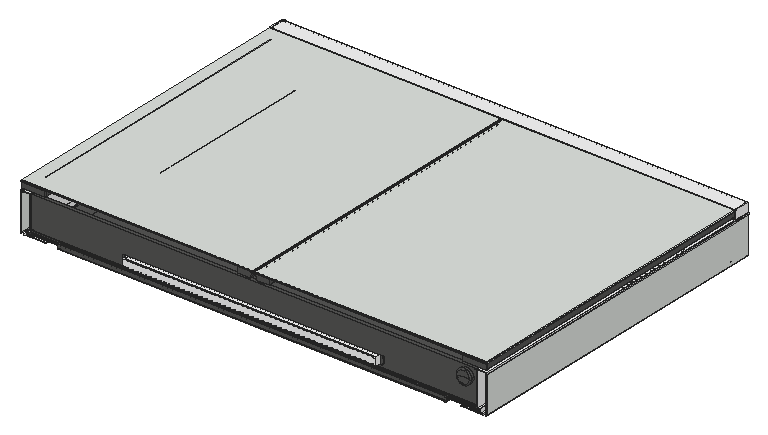
Revit family "Furniture-Lighted_Mirror_Cabinet-KOHLER-MAXSTOW-K-23959T_1", category Lighting Fixtures, host Face, Revit 2021 (continued)
Definition of nested family "K-23959T"
  Lines and regions (in)
    symbolic lines, detail levels medium+fine
      curve 45: line (23.50394, 14.96014, 0) -> (23.62205, 14.96014, 0)
      curve 46: line (23.50394, 14.96388, 0) -> (23.58268, 14.96388, 0)
      curve 47: arc (23.58268, 14.96388, 0) -> (23.6105, 14.97541, 0) -> (23.62201, 15.00325, 0) r 0.03933
      curve 48: line (23.56299, 14.99141, 0) -> (23.56299, 16.49935, 0)
      curve 49: arc (23.53543, 14.96388, 0) -> (23.55492, 14.97193, 0) -> (23.56299, 14.99141, 0) r 0.02753
      curve 50: line (23.60236, 16.48215, 0) -> (23.60236, 15.00964, 0)
      curve 51: arc (23.60236, 15.00964, 0) -> (23.58922, 14.98554, 0) -> (23.56184, 14.98354, 0) r 0.02867
      curve 52: line (23.50394, 14.95797, 0) -> (23.50394, 16.53278, 0)
      curve 53: line (23.53543, 16.52687, 0) -> (23.53543, 14.96388, 0)
      curve 54: line (23.56299, 16.47963, 0) -> (23.50394, 16.47963, 0)
      curve 55: line (23.50394, 16.52687, 0) -> (23.58335, 16.52687, 0)
      curve 56: arc (23.60236, 16.48215, 0) -> (23.58909, 16.50596, 0) -> (23.56185, 16.50719, 0) r 0.02799
      curve 57: arc (23.58335, 16.52687, 0) -> (23.61026, 16.51463, 0) -> (23.62201, 16.4875, 0) r 0.04114
      curve 58: arc (23.56299, 16.49935, 0) -> (23.55492, 16.51882, 0) -> (23.53543, 16.52687, 0) r 0.02752
      curve 59: line (23.52362, 14.92077, 0) -> (0.09843, 14.92077, 0)
      curve 60: line (13.18906, -16.6125, 0) -> (12.79528, -16.6125, 0)
      curve 61: line (13.18906, -16.53593, 0) -> (13.18906, -16.6125, 0)
      curve 62: line (23.52362, -16.53593, 0) -> (0.09843, -16.53593, 0)
      curve 63: line (23.52362, -16.49656, 0) -> (0.09843, -16.49656, 0)
      curve 64: line (23.56299, -16.49656, 0) -> (23.52362, -16.53593, 0)
      curve 65: line (23.60236, 14.96014, 0) -> (23.60236, -16.53593, 0)
      curve 66: line (23.52362, -16.49656, 0) -> (23.53344, -16.5261, 0)
      curve 67: line (19.68504, -16.68624, 0) -> (19.68504, -16.53593, 0)
      curve 68: line (19.68504, -16.65868, 0) -> (20.75958, -16.65868, 0)
      curve 69: line (19.68504, -16.68624, 0) -> (12.79528, -16.68624, 0)
      curve 70: line (12.7363, -16.53593, 0) -> (12.7363, -17.08494, 0)
      curve 71: line (13.07094, -16.6125, 0) -> (13.07094, -16.53593, 0)
      curve 72: line (0.09843, -16.49656, 0) -> (0.08834, -16.52584, 0)
      curve 73: line (0.09843, -16.53593, 0) -> (0.05906, -16.49656, 0)
      curve 74: line (0.09843, 14.92077, 0) -> (0.09011, 14.95182, 0)
      curve 75: line (-23.50394, 14.95797, 0) -> (23.50394, 14.95797, 0)
      curve 76: line (-23.50394, 14.99734, 0) -> (23.50394, 14.99734, 0)
      curve 77: line (-12.79528, -16.76498, 0) -> (-12.79528, -16.53593, 0)
      curve 78: line (-0.09626, -16.53376, 0) -> (0.09666, -16.53376, 0)
      curve 79: line (-0.08183, -16.51933, 0) -> (0.08183, -16.51933, 0)
      curve 80: line (-0.05906, -16.18328, 0) -> (0.05906, -16.18328, 0)
      curve 81: line (-0.05906, -8.75814, 0) -> (0.05906, -8.75814, 0)
      curve 82: line (-0.05906, -8.40953, 0) -> (0.05906, -8.40953, 0)
      curve 83: line (-0.05906, -0.61134, 0) -> (0.05906, -0.61134, 0)
      curve 84: line (-0.05906, -0.96255, 0) -> (0.05906, -0.96255, 0)
      curve 85: line (20.75958, -16.67836, 0) -> (20.75958, -16.53593, 0)
      curve 86: line (22.25729, -16.67836, 0) -> (22.25729, -16.53593, 0)
      curve 87: line (22.25729, -16.65868, 0) -> (22.5985, -16.65868, 0)
      curve 88: line (20.75958, -16.80689, 0) -> (22.25726, -16.80689, 0)
      curve 89: line (12.79528, -16.76498, 0) -> (12.79528, -16.53593, 0)
      curve 90: line (0, -15.98613, 4.13386) -> (0, -16.41781, 4.13386)
      curve 91: line (0, -16.00581, 4.01796) -> (0, -16.00581, 4.13386)
      curve 92: line (0, -16.05531, 3.95736) -> (0, -16.01367, 3.99901)
      curve 93: arc (0, -16.08941, 3.93776) -> (0, -16.07106, 3.9453) -> (0, -16.05531, 3.95736) r 0.07546
      curve 94: line (0, -16.07405, 3.93782) -> (0, -16.31882, 3.93686)
      curve 95: arc (0, -16.01367, 3.99901) -> (0, -16.00786, 4.0077) -> (0, -16.00581, 4.01796) r 0.02681
      curve 96: line (0, -15.98647, 4.01796) -> (0, -16.41681, 4.01796)
      curve 97: line (0, -15.99441, 3.99901) -> (0, -16.40877, 3.99901)
      curve 98: line (0, -16.49557, 0.03938) -> (0, -16.49557, 3.74016)
      curve 99: line (0, 16.49557, 3.70079) -> (0, -16.53588, 3.70079)
      curve 100: line (0, 14.95797, 3.75984) -> (0, -16.53593, 3.75984)
      curve 101: line (0, 14.96014, 3.91732) -> (0, -16.53593, 3.91732)
      curve 102: line (0, -16.80969, 3.71188) -> (0, -16.80969, 2.21634)
      curve 103: line (0, -16.53593, 3.69882) -> (0, -16.53593, 0.08071)
      curve 104: line (0, -16.6497, 2.8169) -> (0, -16.6497, 3.11569)
      curve 105: line (0, -16.53376, 3.15118) -> (0, -16.61422, 3.15118)
      curve 106: line (0, -16.53376, 2.77716) -> (0, -16.60997, 2.77716)
      curve 107: arc (0, -16.60997, 2.77716) -> (0, -16.63807, 2.7888) -> (0, -16.6497, 2.8169) r 0.03973
      curve 108: arc (0, -16.61422, 3.15118) -> (0, -16.63931, 3.14078) -> (0, -16.6497, 3.11569) r 0.03549
      curve 109: line (0, -16.53593, 3.74016) -> (0, 14.983, 3.74016)
      curve 110: arc (0, -16.49459, 3.74016) -> (0, -16.52382, 3.72805) -> (0, -16.53593, 3.69882) r 0.04134
      curve 111: line (0, -11.29183, 4.13386) -> (0, -13.906, 4.13386)
      curve 112: line (0, -12.9375, 4.0426) -> (0, -12.26033, 4.0426)
      curve 113: line (0, -12.26033, 3.93782) -> (0, -12.26033, 4.0426)
      curve 114: line (0, -12.9375, 3.93782) -> (0, -12.9375, 4.0426)
      curve 115: line (0, -12.26033, 3.93782) -> (0, -12.9375, 3.93782)
      curve 116: line (0, -12.26033, 3.97949) -> (0, -12.9375, 3.97949)
      curve 117: line (0, -12.26033, 3.96181) -> (0, -12.9375, 3.96181)
      curve 118: line (0, -11.44931, 4.13386) -> (0, -11.44931, 4.06299)
      curve 119: line (0, -13.906, 4.06299) -> (0, -11.29183, 4.06299)
      curve 120: line (0, -8.35756, 3.93782) -> (0, -8.80968, 3.93782)
      curve 121: line (0, -8.74317, 3.9809) -> (0, -8.42317, 3.9809)
      curve 122: arc (0, -8.42317, 3.9809) -> (0, -8.38879, 3.9688) -> (0, -8.36958, 3.93782) r 0.05487
      curve 123: arc (0, -8.79604, 3.93782) -> (0, -8.77727, 3.96877) -> (0, -8.74317, 3.9809) r 0.05398
      curve 124: line (0, -8.42317, 3.94074) -> (0, -8.74141, 3.94074)
      curve 125: arc (0, -8.41618, 3.93782) -> (0, -8.41938, 3.93998) -> (0, -8.42317, 3.94074) r 0.00981
      curve 126: arc (0, -8.74141, 3.94074) -> (0, -8.74968, 3.94001) -> (0, -8.7577, 3.93782) r 0.04685
      curve 127: line (0, -16.57187, 2.77716) -> (0, -16.57187, 3.15118)
      curve 128: line (0, -16.6125, 1.75984) -> (0, -16.6125, 0.99606)
      curve 129: line (0, -16.6125, 1.75984) -> (0, -16.53593, 1.75984)
      curve 130: line (0, -16.6125, 0.99606) -> (0, -16.53593, 0.99606)
      curve 131: line (0, -16.64203, 0.91449) -> (0, -16.64203, 0.94826)
      curve 132: line (0, -16.64203, 0.94826) -> (0, -16.89793, 0.94826)
      curve 133: line (0, -16.89793, 0.91483) -> (0, -16.89793, 0.94826)
      curve 134: line (0, -16.57029, 0.49213) -> (0, -16.53593, 0.49213)
      curve 135: line (0, -16.49459, 0.03937) -> (0, -0.98474, 0.03937)
      curve 136: line (0, 16.49557, 0.07972) -> (0, -0.80788, 0.07972)
      curve 137: arc (0, -16.53593, 0.08071) -> (0, -16.52382, 0.05148) -> (0, -16.49459, 0.03937) r 0.04134
      curve 138: arc (0, -16.49557, 0.07972) -> (0, -16.51589, 0.07192) -> (0, -16.53592, 0.08041) r 0.02905
      curve 139: line (0, -0.98474, 0.02929) -> (0, -16.53593, 0.02929)
      curve 140: line (0, -0.98474, 0.01969) -> (0, -16.53593, 0.01969)
      curve 141: line (0, -16.53593, 0.07087) -> (0, -16.53593, 0)
      curve 142: line (0, 9.71604, 4.13386) -> (0, 12.33022, 4.13386)
      curve 143: line (0, 11.36171, 4.0426) -> (0, 10.68455, 4.0426)
      curve 144: line (0, 10.68455, 3.93782) -> (0, 10.68455, 4.0426)
      curve 145: line (0, 11.36171, 3.93782) -> (0, 11.36171, 4.0426)
      curve 146: line (0, 10.68455, 3.93782) -> (0, 11.36171, 3.93782)
      curve 147: line (0, 10.68455, 3.97949) -> (0, 11.36171, 3.97949)
      curve 148: line (0, 10.68455, 3.96181) -> (0, 11.36171, 3.96181)
      curve 149: line (0, 9.87352, 4.13386) -> (0, 9.87352, 4.06299)
      curve 150: line (0, 12.33022, 4.06299) -> (0, 9.71604, 4.06299)
      curve 151: line (0, 14.41034, 4.13386) -> (0, 14.86171, 4.13386)
      curve 152: line (0, 14.95797, 4.8052) -> (0, 14.95797, 4.76161)
      curve 153: line (0, 14.88558, 4.72441) -> (0, -16.46341, 4.72441)
      curve 154: line (0, 14.95797, 4.80304) -> (0, -16.53593, 4.80304)
      curve 155: line (0, -16.53593, 4.76378) -> (0, 14.95797, 4.76378)
      curve 156: line (0, 14.86171, 4.70472) -> (0, -16.49253, 4.70472)
      curve 157: line (0, -16.4375, 4.13386) -> (0, -16.4375, 4.72441)
      curve 158: line (0, -16.4779, 4.13399) -> (0, -16.4779, 4.7199)
      curve 159: line (0, 14.92077, 4.15354) -> (0, -16.49651, 4.15354)
      curve 160: line (0, 14.90211, 4.71967) -> (0, 14.90211, 4.134)
      curve 161: line (0, 14.86171, 4.13386) -> (0, 14.86171, 4.72441)
      curve 162: line (0, 14.99141, 3.93701) -> (0, 14.99143, 4.79527)
      curve 163: line (0, 15.01112, 4.81496) -> (0, 16.47963, 4.81496)
      curve 164: line (0, 16.47963, 4.84252) -> (0, 15.01112, 4.84252)
      curve 165: line (0, 14.96388, 4.79528) -> (0, 14.96388, 3.75928)
      curve 166: arc (0, 15.01112, 4.84252) -> (0, 14.97772, 4.82868) -> (0, 14.96388, 4.79528) r 0.04724
      curve 167: arc (0, 14.99143, 4.79527) -> (0, 14.9972, 4.80919) -> (0, 15.01112, 4.81496) r 0.01969
      curve 168: line (0, 16.49935, 3.93701) -> (0, 16.49931, 4.79528)
      curve 169: line (0, 16.52687, 3.75984) -> (0, 16.52687, 4.79528)
      curve 170: arc (0, 16.52687, 4.79528) -> (0, 16.51303, 4.82868) -> (0, 16.47963, 4.84252) r 0.04724
      curve 171: arc (0, 16.47963, 4.81496) -> (0, 16.49355, 4.8092) -> (0, 16.49931, 4.79528) r 0.01969
      curve 172: line (0, 16.50719, 3.93701) -> (0, 14.98356, 3.93701)
      curve 173: arc (0, 16.52687, 3.91732) -> (0, 16.5211, 3.93124) -> (0, 16.50719, 3.93701) r 0.01969
      curve 174: line (0, 14.96388, 3.91732) -> (0, 16.52687, 3.91732)
      curve 175: line (0, 16.4875, 3.93701) -> (0, 16.4875, 3.74016)
      curve 176: line (0, 14.96388, 3.75984) -> (0, 16.52687, 3.75984)
      curve 177: line (0, 14.983, 3.74016) -> (0, 16.50719, 3.74016)
      curve 178: line (0, 16.49557, 0.07972) -> (0, 16.49557, 3.70079)
      curve 179: arc (0, 16.4936, 3.74016) -> (0, 16.52353, 3.72776) -> (0, 16.53593, 3.69783) r 0.04232
      curve 180: arc (0, 16.50719, 3.74016) -> (0, 16.5211, 3.74592) -> (0, 16.52687, 3.75984) r 0.01969
      curve 181: arc (0, 16.49557, 3.70079) -> (0, 16.50219, 3.72085) -> (0, 16.4936, 3.74016) r 0.02931
      curve 182: arc (0, 16.49557, 3.70079) -> (0, 16.51638, 3.70799) -> (0, 16.53593, 3.69783) r 0.02788
      curve 183: arc (0, 14.96388, 3.75928) -> (0, 14.96948, 3.74576) -> (0, 14.983, 3.74016) r 0.01912
      curve 184: arc (0, 14.98356, 3.93701) -> (0, 14.96964, 3.93124) -> (0, 14.96388, 3.91732) r 0.01969
      curve 185: line (0, 15.00325, 3.93701) -> (0, 15.00325, 3.74016)
      curve 186: line (0, 14.95797, 3.74016) -> (0, 14.95797, 3.93782)
      curve 187: line (0, -0.59104, 0.03937) -> (0, 14.96014, 0.03937)
      curve 188: line (0, -0.80788, 0.07972) -> (0, -16.49557, 0.07972)
      curve 189: line (0, -0.59104, 0.02929) -> (0, 14.96014, 0.02929)
      curve 190: line (0, -0.59104, 0.01969) -> (0, 14.96014, 0.01969)
      curve 191: arc (0, 16.49557, 0.07972) -> (0, 16.50116, 0.05793) -> (0, 16.48846, 0.03937) r 0.02724
      curve 192: arc (0, 16.49557, 0.07972) -> (0, 16.5166, 0.07297) -> (0, 16.53593, 0.08367) r 0.02783
      curve 193: line (-23.54429, -0.2751, 3.74016) -> (-23.58264, -0.2751, 3.74016)
      curve 194: line (-23.54326, -0.2751, 0.03897) -> (-23.54429, -0.2751, 3.74016)
      curve 195: line (-23.58264, -0.2751, 0.03897) -> (-23.58264, -0.2751, 3.74016)
      curve 196: line (-23.50394, -0.2751, 3.27362) -> (-23.50394, -0.2751, 4.84843)
      curve 197: line (-23.50394, -0.2751, 3.31299) -> (23.50394, -0.2751, 3.31299)
      curve 198: line (-23.50394, -0.2751, 3.27362) -> (23.50394, -0.2751, 3.27362)
      curve 199: line (-20.5315, -0.2751, 1.32874) -> (-20.5315, -0.2751, 3.27362)
      curve 200: line (-19.35039, -0.2751, 1.32874) -> (-19.35039, -0.2751, 3.27362)
      curve 201: line (-20.50787, -0.2751, 1.30512) -> (-19.37402, -0.2751, 1.30512)
      curve 202: line (-23.53543, -0.2751, 3.91732) -> (-23.53543, -0.2751, 4.84252)
      curve 203: line (-23.62185, -0.2751, 3.91732) -> (-23.53543, -0.2751, 3.91732)
      curve 204: line (-23.58268, -0.2751, 3.75984) -> (-23.58268, -0.2751, 3.93701)
      curve 205: line (-23.56299, -0.2751, 3.93701) -> (-23.53543, -0.2751, 3.91732)
      curve 206: line (-23.62028, -0.2751, 3.75984) -> (-23.50394, -0.2751, 3.75984)
      curve 207: line (-23.56299, -0.2751, 4.79528) -> (-23.50394, -0.2751, 4.79528)
      curve 208: line (-23.50394, -0.2751, 4.80906) -> (23.50394, -0.2751, 4.80906)
      curve 209: line (-23.53543, -0.2751, 4.84252) -> (-23.50394, -0.2751, 4.84252)
      curve 210: line (-22.5985, -0.2751, 0.4226) -> (-22.5985, -0.2751, 3.27362)
      curve 211: line (-22.65744, -0.2751, 2.42126) -> (-22.65744, -0.2751, 1.9685)
      curve 212: line (-22.70343, -0.2751, 2.42126) -> (-22.70343, -0.2751, 1.9685)
      curve 213: line (-23.4161, -0.2751, 2.42126) -> (-23.4161, -0.2751, 0.45276)
      curve 214: line (-22.70343, -0.2751, 0.45276) -> (-22.70343, -0.2751, 1.25984)
      curve 215: line (22.59835, -0.2751, 0.6495) -> (-22.5985, -0.2751, 0.6495)
      curve 216: line (-22.5985, -0.2751, 0.62987) -> (22.59835, -0.2751, 0.62987)
      curve 217: line (-22.5985, -0.2751, 0.61024) -> (22.59835, -0.2751, 0.61024)
      curve 218: line (-22.5985, -0.2751, 0.49213) -> (22.59835, -0.2751, 0.49213)
      curve 219: line (22.59835, -0.2751, 0.47244) -> (-22.5985, -0.2751, 0.47244)
      curve 220: line (-22.5985, -0.2751, 0.45276) -> (22.59835, -0.2751, 0.45276)
      curve 221: line (-21.45366, -0.2751, 0.15748) -> (-22.24106, -0.2751, 0.15748)
      curve 222: line (-22.24106, -0.2751, 0.09894) -> (-21.45366, -0.2751, 0.09894)
      curve 223: line (-22.24106, -0.2751, 0.07874) -> (-21.45366, -0.2751, 0.07874)
      curve 224: line (-21.01272, -0.2751, 0.05906) -> (-22.96941, -0.2751, 0.05906)
      curve 225: line (19.68504, -0.2751, 0.07087) -> (-19.68504, -0.2751, 0.07087)
      curve 226: line (19.68504, -0.2751, 0.11024) -> (-19.68504, -0.2751, 0.11024)
      curve 227: line (-19.68504, -0.2751, 0.05118) -> (19.68504, -0.2751, 0.05118)
      curve 228: line (-19.68504, -0.2751, 0.01969) -> (19.68504, -0.2751, 0.01969)
      curve 229: line (21.4535, -0.2751, 0.1503) -> (22.24091, -0.2751, 0.1503)
      curve 230: line (22.24091, -0.2751, 0.10236) -> (21.4535, -0.2751, 0.10236)
      curve 231: line (21.4535, -0.2751, 0.07874) -> (22.24091, -0.2751, 0.07874)
      curve 232: line (-22.99858, -0.2751, 0.45276) -> (-22.65744, -0.2751, 0.45276)
      curve 233: line (-22.59835, -0.2751, 0.3937) -> (22.59835, -0.2751, 0.3937)
      curve 234: line (22.59835, -0.2751, 3.27362) -> (22.59835, -0.2751, 0.4226)
      curve 235: line (22.65728, -0.2751, 0.45185) -> (22.65728, -0.2751, 3.27362)
      curve 236: line (22.99858, -0.2751, 0.45185) -> (22.65728, -0.2751, 0.45185)
      curve 237: line (23.44469, -0.2751, 3.20866) -> (23.44469, -0.2751, 0.45276)
      curve 238: line (22.70327, -0.2751, 0.45185) -> (22.70327, -0.2751, 1.25984)
      curve 239: line (23.54311, -0.2751, 3.74016) -> (23.54311, -0.2751, 0.04019)
      curve 240: line (23.58248, -0.2751, 3.74016) -> (23.58248, -0.2751, 0.04019)
      curve 241: line (22.65728, -0.2751, 2.42126) -> (23.47618, -0.2751, 2.42126)
      curve 242: line (23.27933, -0.2751, 1.9685) -> (22.65728, -0.2751, 1.9685)
      curve 243: line (23.27933, -0.2751, 1.25984) -> (23.27933, -0.2751, 1.9685)
      curve 244: circle (22.98731, -0.2751, 2.73421) r 0.25806 normal (0, 1, 0)
      curve 245: circle (22.99412, -0.2751, 2.73482) r 0.15065 normal (0, 1, 0)
      curve 246: line (23.42581, -0.2751, 2.42126) -> (23.42581, -0.2751, 2.91407)
      curve 247: line (23.44469, -0.2751, 2.91407) -> (23.38563, -0.2751, 2.91407)
      curve 248: line (23.38563, -0.2751, 2.95413) -> (23.38563, -0.2751, 2.42126)
      curve 249: line (23.41594, -0.2751, 2.42126) -> (23.41594, -0.2751, 0.45276)
      curve 250: line (22.70327, -0.2751, 1.9685) -> (22.70327, -0.2751, 2.42126)
      curve 251: line (22.83457, -0.2751, 1.9685) -> (22.83457, -0.2751, 1.36696)
      curve 252: line (22.79588, -0.2751, 1.25984) -> (22.79588, -0.2751, 1.9685)
      curve 253: line (22.83457, -0.2751, 1.40632) -> (23.27933, -0.2751, 1.41408)
      curve 254: line (22.99205, -0.2751, 1.92913) -> (23.27933, -0.2751, 1.92913)
      curve 255: line (22.99205, -0.2751, 1.92913) -> (22.99205, -0.2751, 1.9685)
      curve 256: line (22.65728, -0.2751, 1.25984) -> (22.83457, -0.2751, 1.25984)
      curve 257: line (23.27905, -0.2751, 3.27362) -> (23.27905, -0.2751, 2.42126)
      curve 258: line (23.25121, -0.2751, 2.42126) -> (23.25121, -0.2751, 3.27362)
      curve 259: line (23.58248, -0.2751, 3.74016) -> (23.54311, -0.2751, 3.74016)
      curve 260: line (23.50394, -0.2751, 3.6998) -> (23.50394, -0.2751, 3.31299)
      curve 261: line (23.53543, -0.2751, 3.91732) -> (23.6217, -0.2751, 3.91732)
      curve 262: line (23.50394, -0.2751, 3.75984) -> (23.62028, -0.2751, 3.75984)
      curve 263: line (23.53543, -0.2751, 4.84287) -> (23.53543, -0.2751, 3.91732)
      curve 264: line (23.58268, -0.2751, 3.93701) -> (23.58268, -0.2751, 3.74016)
      curve 265: line (23.50394, -0.2751, 3.74016) -> (23.50394, -0.2751, 4.84843)
      curve 266: line (23.50394, -0.2751, 4.79528) -> (23.56299, -0.2751, 4.79528)
      curve 267: line (22.24091, -0.2751, 0.05906) -> (21.4535, -0.2751, 0.05906)
      curve 268: line (20.5315, -0.2751, 1.32751) -> (20.5315, -0.2751, 3.27362)
      curve 269: line (19.35039, -0.2751, 1.32874) -> (19.35039, -0.2751, 3.27362)
      curve 270: line (19.37402, -0.2751, 1.30512) -> (20.5091, -0.2751, 1.30512)
      curve 271: line (19.0748, -0.2751, 3.20669) -> (18.72047, -0.2751, 3.20669)
      curve 272: line (19.0748, -0.2751, 3.20669) -> (19.0748, -0.2751, 3.27362)
      curve 273: line (18.72047, -0.2751, 3.20669) -> (18.72047, -0.2751, 3.27362)
      curve 274: line (17.87402, -0.2751, 3.14764) -> (17.87402, -0.2751, 3.27362)
      curve 275: line (17.55906, -0.2751, 3.14764) -> (17.55906, -0.2751, 3.27362)
      curve 276: line (17.57087, -0.2751, 3.13583) -> (17.8622, -0.2751, 3.13583)
      curve 277: line (17.57087, -0.2751, 3.20276) -> (17.8622, -0.2751, 3.20276)
      curve 278: arc (17.8622, -0.2751, 3.20276) -> (17.8693, -0.2751, 3.2049) -> (17.87402, -0.2751, 3.21063) r 0.0128
      curve 279: arc (17.55906, -0.2751, 3.21063) -> (17.56377, -0.2751, 3.2049) -> (17.57087, -0.2751, 3.20276) r 0.0128
      curve 280: arc (17.8622, -0.2751, 3.13583) -> (17.87056, -0.2751, 3.13929) -> (17.87402, -0.2751, 3.14764) r 0.01181
      curve 281: arc (17.57087, -0.2751, 3.13583) -> (17.56251, -0.2751, 3.13929) -> (17.55906, -0.2751, 3.14764) r 0.01181
      curve 282: line (19.68504, -0.2751, 0.27559) -> (-19.68504, -0.2751, 0.27559)
      curve 283: arc (20.5091, -0.2751, 1.30512) -> (20.52494, -0.2751, 1.31168) -> (20.5315, -0.2751, 1.32751) r 0.0224
      curve 284: arc (19.37402, -0.2751, 1.30512) -> (19.35731, -0.2751, 1.31204) -> (19.35039, -0.2751, 1.32874) r 0.02362
      curve 285: line (19.35039, -0.2751, 3.19488) -> (20.5315, -0.2751, 3.19488)
      curve 286: line (7.00774, -0.2751, 3.17609) -> (1.15992, -0.2751, 3.17609)
      curve 287: arc (7.12173, -0.2751, 3.27362) -> (7.08275, -0.2751, 3.2038) -> (7.00774, -0.2751, 3.17609) r 0.11538
      curve 288: line (7.00559, -0.2751, 3.23738) -> (1.15992, -0.2751, 3.23738)
      curve 289: arc (7.05505, -0.2751, 3.27362) -> (7.03625, -0.2751, 3.24741) -> (7.00559, -0.2751, 3.23738) r 0.05188
      curve 290: arc (7.03316, -0.2751, 3.27362) -> (7.01563, -0.2751, 3.25065) -> (6.98997, -0.2751, 3.23738) r 0.06593
      curve 291: line (1.15992, -0.2751, 3.23738) -> (1.15992, -0.2751, 3.17609)
      curve 292: line (0.59055, -0.2751, 1.32874) -> (0.59055, -0.2751, 3.27362)
      curve 293: line (-0.59055, -0.2751, 1.32874) -> (-0.59055, -0.2751, 3.27362)
      curve 294: line (-0.56693, -0.2751, 1.30512) -> (0.56693, -0.2751, 1.30512)
      curve 295: line (-0.59055, -0.2751, 3.19488) -> (0.59055, -0.2751, 3.19488)
      curve 296: line (-22.65744, -0.2751, 0.45276) -> (-22.65744, -0.2751, 1.25984)
      curve 297: line (-23.44484, -0.2751, 0.45276) -> (-23.44484, -0.2751, 3.20866)
      curve 298: line (-20.5315, -0.2751, 3.19488) -> (-19.35039, -0.2751, 3.19488)
      curve 299: arc (0.56693, -0.2751, 1.30512) -> (0.58363, -0.2751, 1.31204) -> (0.59055, -0.2751, 1.32874) r 0.02362
      curve 300: arc (-0.56693, -0.2751, 1.30512) -> (-0.58363, -0.2751, 1.31204) -> (-0.59055, -0.2751, 1.32874) r 0.02362
      curve 301: arc (-19.37402, -0.2751, 1.30512) -> (-19.35731, -0.2751, 1.31204) -> (-19.35039, -0.2751, 1.32874) r 0.02362
      curve 302: arc (-20.50787, -0.2751, 1.30512) -> (-20.52458, -0.2751, 1.31204) -> (-20.5315, -0.2751, 1.32874) r 0.02362
      curve 303: line (-23.50394, 14.95797, 0) -> (-23.50394, 16.49341, 0)
  Dimensions and locks (in)
    plane 6 to plane 3 "Center (Left/Right)" to plane 4 = 23.62205", 23.62205"
    plane 7 to plane 1 "Center (Front/Back)" to plane 8 = 16.80984", 16.81102"
    plane 7 to plane 8 = 33.62087"
    plane 8 to plane 10 = 1.57795"
    plane 5 to level = 4.84843"
    aligned and locked: plane 2 to level
